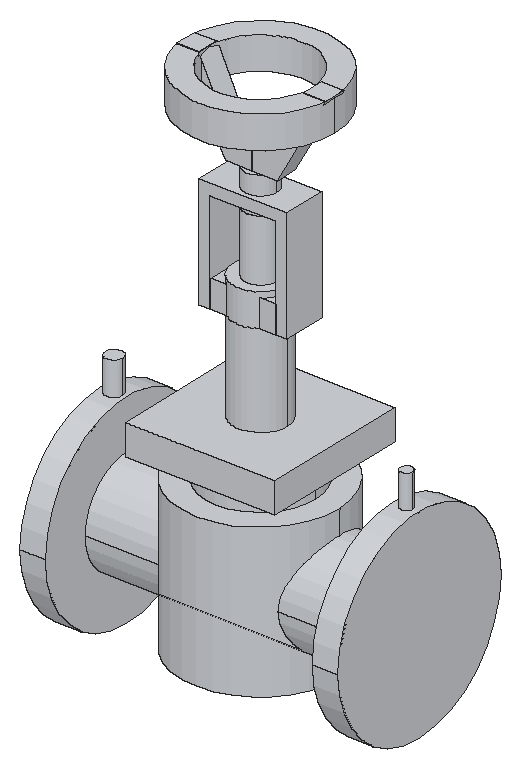
Revit family "Sigma_Compact_DN065-LF_PN16_RFA_2018", category Pipe Accessories, Revit 2018
Family settings
  Round Connector Dimension = Use Diameter
  Part Type = Valve - Breaks Into
  Work Plane-Based = No
  Always vertical = Yes
  Cut with Voids When Loaded = No
  Shared = No
Parameters (values of type "Sigma Compact DN 065 LF PN16")
  magiProductId = "7b440009bc83499eb1c9a6fd3b4fee"
  magiProductFamilyId = "111bdfd32e424cd9a1e5f1ca7ea2b6"
  magiPartTypeId = 304
  isMeasuringValve [instance] = no
  ang2D [instance] = 0.00°
  W2D = 50 mm
  VersionID = "2.0/2018.12.13.2/FRESE_SIGMA_C_BIG_Q13_001"
  Use Minimum Symbol Size [instance] = no
  URL = "www.hydronix.cz"
  Type Comments = "přírubový; PN16; max dp=800kPa; 0~+120°C; max uzavírací tlak 1MPa"
  R4 = 50.75 mm
  R3 = 48.1 mm
  R1 = 72.5 mm
  QmdConnectorList = "301;D;302;D"
  Productdata [instance] = ""
  Manufacturer = "Hydronix"
  Maintenance Zone Under Depth [instance] = 100 mm
  Maintenance Zone Right Depth [instance] = 100 mm
  Maintenance Zone Over Depth [instance] = 100 mm
  Maintenance Zone Left Depth [instance] = 100 mm
  Maintenance Zone Front Depth [instance] = 100 mm
  Maintenance Zone Back Depth [instance] = 100 mm
  Maintenance Zone Front Visibility [instance] = no
  MC Use Limits From Balancing Method = no
  MC Throttling Minimum Value = 0
  MC Throttling Maximum Value = 0
  MC Product Code = "53-2401 DN65; PN16; (4380-25000 l/h); kvs=50"
  MC Pressure Drop Minimum Value = 0.0 Pa
  MC Pressure Drop Maximum Value = 0.0 Pa
  MC Piping Given Pressure Drop [instance] = 0.0 Pa
  LF__ve = -LF  # -23.2 mm
  LF2 = 11.6 mm
  LF = 23.2 mm
  L432 = 23.853 mm
  L43 = 47.705 mm
  L42 = 68.15 mm
  L4 = 136.3 mm
  L3 = 243.6 mm
  L2D_Min = 30.48 mm
  L2D = 230 mm
  L2 = 145 mm
  HH12 = 16.5 mm
  HH1 = 33 mm
  HDF__ve = -HDF  # -199 mm
  HDF = 199 mm
  H6 = 85 mm
  H4 = 27.75 mm
  H3 = 23.125 mm
  H2 = 69.375 mm
  H11 = 138.75 mm
  H1 = 497 mm
  H = 384 mm
  Description = "Automatický vyvažovací ventil"
  DF2 = 92.5 mm
  D = 65 mm
  Clearance Zone Height Depth [instance] = 100 mm
  Clearance Zone Circular Radius [instance] = 145 mm
  Clearance Zone Visibility [instance] = no
  CAT0 = yes
Types (9, lengths in mm): name | magiProductId | Type Comments | R4 | R3 | R1 | MC Product Code | LF__ve | LF2 | LF | L432 | L43 | L42 | L4 | L3 | L2 | HH12 | HH1 | HDF__ve | HDF | H4 | H3 | H2 | H11 | H1 | H | DF2 | D | Clearance Zone Circular Radius
  Sigma Compact DN 050 LF PN16 | "7ce002c265594233b83d195dc264f1" | "přírubový; PN16; max dp=800kPa; 0~+120°C; max uzavírací tlak 1MPa" | 40.25 | 42.9 | 57.5 | "53-2400 DN50; PN16; (2480-15000 l/h); kvs=34" | -18.4 | 9.2 | 18.4 | 18.917 | 37.835 | 54.05 | 108.1 | 193.2 | 115 | 16.5 | 33 | -202 | 202 | 24.75 | 20.625 | 61.875 | 123.75 | 480 | 367 | 82.5 | 50 | 115
  Sigma Compact DN 065 LF PN16 | "7b440009bc83499eb1c9a6fd3b4fee" | "přírubový; PN16; max dp=800kPa; 0~+120°C; max uzavírací tlak 1MPa" | 50.75 | 48.1 | 72.5 | "53-2401 DN65; PN16; (4380-25000 l/h); kvs=50" | -23.2 | 11.6 | 23.2 | 23.853 | 47.705 | 68.15 | 136.3 | 243.6 | 145 | 16.5 | 33 | -199 | 199 | 27.75 | 23.125 | 69.375 | 138.75 | 497 | 384 | 92.5 | 65 | 145
  Sigma Compact DN 080 LF PN16 | "c04670cd33374e61a046fccc79a79b" | "přírubový; PN16; max dp=800kPa; 0~+120°C; max uzavírací tlak 1MPa" | 54.25 | 52 | 77.5 | "53-2402 DN80; PN16; (5340-34000 l/h); kvs=68" | -24.8 | 12.4 | 24.8 | 25.497 | 50.995 | 72.85 | 145.7 | 260.4 | 155 | 16.5 | 33 | -213 | 213 | 30 | 25 | 75 | 150 | 526 | 413 | 100 | 80 | 155
  Sigma Compact DN 100 LF PN16 | "e9669c3b3cb042d39f52f9a3f8394b" | "přírubový; PN16; max dp=800kPa; 0~+120°C; max uzavírací tlak 1MPa" | 61.25 | 61.1 | 87.5 | "53-2403 DN100; PN16; (12100-68000 l/h); kvs=115" | -28 | 14 | 28 | 28.788 | 57.575 | 82.25 | 164.5 | 294 | 175 | 34 | 68 | -331 | 331 | 35.25 | 29.375 | 88.125 | 176.25 | 714 | 566 | 117.5 | 100 | 175
  Sigma Compact DN 125 LF PN16 | "72414964175c4f3999d5daaa67221e" | "přírubový; PN16; max dp=800kPa; 0~+120°C; max uzavírací tlak 1MPa" | 70 | 70.2 | 100 | "53-2404 DN125; PN16; (18500-110000 l/h); kvs=186" | -32 | 16 | 32 | 32.9 | 65.8 | 94 | 188 | 336 | 200 | 36.5 | 73 | -338 | 338 | 40.5 | 33.75 | 101.25 | 202.5 | 761 | 608 | 135 | 125 | 200
  Sigma Compact DN 150 LF PN16 | "cb5ac98de80a46389b4a96eb8539c2" | "přírubový; PN16; max dp=800kPa; 0~+110°C; max uzavírací tlak 1MPa" | 84 | 74.1 | 120 | "53-2405 DN150; PN16; (25600-148000 l/h); kvs=250" | -38.4 | 19.2 | 38.4 | 39.48 | 78.96 | 112.8 | 225.6 | 403.2 | 240 | 13 | 26 | -391 | 391 | 42.75 | 35.625 | 106.875 | 213.75 | 782 | 676 | 142.5 | 150 | 240
  Sigma Compact DN 200 LF PN16 | "bd9983fcf82240be8b5626661ef83b" | "přírubový; PN16; max dp=800kPa; 0~+110°C; max uzavírací tlak 1MPa" | 105 | 98.8 | 150 | "53-2406 DN200; PN16; (95000-210000 l/h); kvs=371" | -48 | 24 | 48 | 49.35 | 98.7 | 141 | 282 | 504 | 300 | 29.5 | 59 | -334 | 334 | 57 | 47.5 | 142.5 | 285 | 853 | 714 | 190 | 200 | 300
  Sigma Compact DN 250 LF PN16 | "6516628c9ce0481f89e5702e575104" | "přírubový; PN16; max dp=800kPa; 0~+110°C; max uzavírací tlak 1MPa" | 127.75 | 115.44 | 182.5 | "53-2407 DN250; PN16; (190000-475000 l/h); kvs=803" | -58.4 | 29.2 | 58.4 | 60.042 | 120.085 | 171.55 | 343.1 | 613.2 | 365 | 29 | 58 | -462 | 462 | 66.6 | 55.5 | 166.5 | 333 | 1044 | 906 | 222 | 250 | 365
  Sigma Compact DN 300 LF PN16 | "f16ecb3a8ad443e99405ecd1e4779a" | "přírubový; PN16; max dp=800kPa; 0~+110°C; max uzavírací tlak 1MPa" | 148.75 | 135.2 | 212.5 | "53-2408 DN300; PN16; (190000-475000 l/h); kvs=803" | -68 | 34 | 68 | 69.912 | 139.825 | 199.75 | 399.5 | 714 | 425 | 29 | 58 | -424 | 424 | 78 | 65 | 195 | 390 | 1082 | 944 | 260 | 300 | 425
Reference planes
  plane 1 "Center (Front/Back)": y = 0
  plane 2 "XYPLANE": z = 0
  plane 3 "Center (Left/Right)": x = 0
  plane 4 "298": y = -192.5
  plane 5 "297": y = 192.5
  plane 6 "296": y = -92.5
  plane 7 "295": y = 92.5
  plane 8 "294": z = -192.5
  plane 9 "293": z = 504.5
  plane 10 "292": x = -245
  plane 11 "291": x = 245
  plane 12 "290": z = 504.5
  plane 13 "256": y = -20
  plane 14 "254": z = 298
  plane 15 "253": z = 308
  plane 16 "252": x = -40
  plane 17 "251": x = -30
  plane 18 "250": x = 40
  plane 19 "249": x = 30
  plane 20 "247": z = 205.25
  plane 21 "244": z = 291.5
  plane 22 "243": x = 68.15
  plane 23 "242": x = 47.705
  plane 24 "241": x = 23.853
  plane 25 "240": y = -10
  plane 26 "238": x = -23.853
  plane 27 "237": x = -47.705
  plane 28 "236": z = 324.5
  plane 29 "235": z = 354.5
  plane 30 "234": x = -68.15
  plane 31 "225": z = 404.5
  plane 32 "224": z = -92.5
  plane 33 "157": x = 133.4
  plane 34 "156": x = -133.4
  plane 35 "155": z = 92.5
  plane 36 "154": z = 120.25
  plane 37 "153": z = 92.5
  plane 38 "152": z = 69.375
  plane 39 "151": x = -121.8
  plane 40 "150": z = -69.375
  plane 41 "149": x = 0
  plane 42 "148": y = 0
  plane 43 "147": z = 0
  plane 44 "146": x = -145
  plane 45 "145": x = 145
Forms (mm)
  Blend 1, solid, visible <- "Maintenance Zone Front Visibility"
    base sketch origin (-750, 0, 504.5) x (1, 0, 0) y (0, 1, 0)
      loop
        line (505, 192.5) -> (505, -192.5) -> (995, -192.5) -> (995, 192.5) -> (505, 192.5)
    top sketch origin (-750, 0, 504.5) x (1, 0, 0) y (0, 1, 0)
      loop
        line (505, 192.5) -> (505, -192.5) -> (995, -192.5) -> (995, 192.5) -> (505, 192.5)
    from 0 to -697
  Blend 2, solid, visible <- "Clearance Zone Visibility"
    base sketch origin (-750, 0, 0) x (1, 0, 0) y (0, 1, 0)
      loop
        circle (750, 0) r 145
    top sketch origin (-750, 0, 0) x (1, 0, 0) y (0, 1, 0)
      loop
        circle (750, 0) r 145
    from 0 to 504.5
  Extrusion 3, solid
    sketch origin (-750, 0, 291.5) x (1, 0, 0) y (0, 1, 0)
      loop
        circle (750, 0) r 14.935
    from 0 to -199 <- "HDF__ve"
  Extrusion 4, solid
    sketch origin (-750, 0, 205.25) x (1, 0, 0) y (0, 1, 0)
      loop
        line (780, 20) -> (720, 20) -> (720, -20) -> (780, -20) -> (780, 20)
    from 0 to 25
  Extrusion 5, solid
    sketch origin (750, -20, 0) x (-1, 0, 0) y (0, 0, 1)
      loop
        line (790, 205.25) -> (790, 308) -> (710, 308) -> (710, 205.25) -> (720, 205.25) -> (720, 298) -> (780, 298) -> (780, 205.25) -> (790, 205.25)
    from 0 to 40
  Extrusion 6, solid
    sketch origin (-750, 0, 205.25) x (1, 0, 0) y (0, 1, 0)
      loop
        circle (750, 0) r 25
    from 0 to 30
  Extrusion 7, solid
    sketch origin (750, -10, 0) x (-1, 0, 0) y (0, 0, 1)
      loop
        line (797.705, 404.5) -> (773.853, 354.5) -> (750, 354.5) -> (750, 324.5) -> (773.853, 324.5) -> (818.15, 404.5) -> (797.705, 404.5)
    from 0 to 20
  Extrusion 8, solid
    sketch origin (750, -10, 0) x (-1, 0, 0) y (0, 0, 1)
      loop
        line (702.295, 404.5) -> (681.85, 404.5) -> (726.147, 324.5) -> (750, 324.5) -> (750, 354.5) -> (726.147, 354.5) -> (702.295, 404.5)
    from 0 to 20
  Extrusion 9, solid
    sketch origin (-750, 0, 291.5) x (1, 0, 0) y (0, 1, 0)
      loop
        circle (750, 0) r 14.935
    from 0 to 33 <- "HH1"
  Extrusion 10, solid
    sketch origin (-750, 0, 404.5) x (1, 0, 0) y (0, 1, 0)
      loop
        circle (750, 0) r 68.15
      loop
        circle (750, 0) r 47.705
    from 0 to -30
  Extrusion 11, solid, visible <- "CAT0"
    sketch origin (-750, 0, 92.5) x (1, 0, 0) y (0, 1, 0)
      loop
        circle (883.4, 0) r 5.5
    from 0 to 30
  Extrusion 12, solid, visible <- "CAT0"
    sketch origin (-750, 0, 92.5) x (1, 0, 0) y (0, 1, 0)
      loop
        circle (616.6, 0) r 7.9
    from 0 to 30
  Extrusion 13, solid, visible <- "CAT0"
    sketch origin (-750, 0, 120.25) x (1, 0, 0) y (0, 1, 0)
      loop
        circle (750, 0) r 24.935
    from 0 to 85 <- "H6"
  Extrusion 14, solid, visible <- "CAT0"
    sketch origin (-750, 0, 92.5) x (1, 0, 0) y (0, 1, 0)
      loop
        line (818.15, 68.15) -> (681.85, 68.15) -> (681.85, -68.15) -> (818.15, -68.15) -> (818.15, 68.15)
    from 0 to 27.75 <- "H4"
  Extrusion 15, solid, visible <- "CAT0"
    sketch origin (-750, 0, 69.375) x (1, 0, 0) y (0, 1, 0)
      loop
        circle (750, 0) r 50.75
    from 0 to 23.125 <- "H3"
  Extrusion 16, solid, visible <- "CAT0"
    sketch origin (-121.8, -750, 0) x (0, 1, 0) y (0, 0, 1)
      loop
        circle (750, 0) r 48.1
    from 0 to 243.6 <- "L3"
  Extrusion 17, solid, visible <- "CAT0"
    sketch origin (-750, 0, -69.375) x (1, 0, 0) y (0, 1, 0)
      loop
        circle (750, 0) r 72.5
    from 0 to 138.75 <- "H11"
  Extrusion 18, solid, visible <- "CAT0"
    sketch origin (-145, -750, 0) x (0, 1, 0) y (0, 0, 1)
      loop
        circle (750, 0) r 92.5
    from 0 to 23.2 <- "LF"
  Extrusion 19, solid, visible <- "CAT0"
    sketch origin (145, -750, 0) x (0, 1, 0) y (0, 0, 1)
      loop
        circle (750, 0) r 92.5
    from 0 to -23.2 <- "LF__ve"
  Extrusion 20, solid, not visible
    sketch origin (-145, -750, 0) x (0, 1, 0) y (0, 0, 1)
      loop
        circle (750, 0) r 10
    from 0 to 10
  Extrusion 21, solid, not visible
    sketch origin (145, -750, 0) x (0, 1, 0) y (0, 0, 1)
      loop
        circle (750, 0) r 10
    from 0 to -10
Lines and regions (mm)
  reference lines, not visible
    curve 1: circle (2, 2, 0) r 1 normal (0, 0, 1)
  reference lines
    curve 2: circle (0, 0, 92.5) r 1 normal (0, 0, 1)
Dimensions and locks
  plane 1 "Center (Front/Back)" to curve 1 = 2 mm
  "Maintenance Zone Front Depth": plane 6 "296" to plane 4 "298"
  "Maintenance Zone Back Depth": plane 7 "295" to plane 5 "297"
  "DF2": plane 42 "148" to plane 6 "296"
  "DF2": plane 42 "148" to plane 7 "295"
  "Maintenance Zone Under Depth": plane 32 "224" to plane 8 "294"
  "Maintenance Zone Over Depth": plane 31 "225" to plane 9 "293"
  "Maintenance Zone Left Depth": plane 44 "146" to plane 10 "292"
  "Maintenance Zone Right Depth": plane 45 "145" to plane 11 "291"
  "Clearance Zone Height Depth": plane 31 "225" to plane 12 "290"
  locked: plane 25 "240" to plane 13 "256" at 10
  locked: plane 15 "253" to plane 14 "254" at 10
  "HH12": plane 21 "244" to plane 15 "253"
  locked: plane 17 "251" to plane 16 "252" at 10
  locked: plane 41 "149" to plane 17 "251" at 30
  locked: plane 19 "249" to plane 18 "250" at 10
  locked: plane 41 "149" to plane 19 "249" at 30
  "H6": plane 36 "154" to plane 20 "247"
  "H": plane 32 "224" to plane 21 "244"
  "L42": plane 41 "149" to plane 22 "243"
  "L43": plane 41 "149" to plane 23 "242"
  "L432": plane 41 "149" to plane 24 "241"
  locked: plane 42 "148" to plane 25 "240" at 10
  "L432": plane 41 "149" to plane 26 "238"
  "L43": plane 41 "149" to plane 27 "237"
  locked: plane 29 "235" to plane 28 "236" at 30
  locked: plane 31 "225" to plane 29 "235" at 50
  "L42": plane 41 "149" to plane 30 "234"
  "H1": plane 32 "224" to plane 31 "225"
  "DF2": plane 2 "XYPLANE" to plane 32 "224"
  "LF2": plane 45 "145" to plane 33 "157"
  "LF2": plane 44 "146" to plane 34 "156"
  "DF2": plane 2 "XYPLANE" to plane 35 "155"
  "H4": plane 37 "153" to plane 36 "154"
  "H3": plane 38 "152" to plane 37 "153"
  "H11": plane 40 "150" to plane 38 "152"
  "LF": plane 44 "146" to plane 39 "151"
  "H2": plane 2 "XYPLANE" to plane 40 "150"
  locked: plane 3 "Center (Left/Right)" to plane 41 "149"
  locked: plane 1 "Center (Front/Back)" to plane 42 "148"
  locked: plane 2 "XYPLANE" to plane 43 "147"
  "L2": plane 3 "Center (Left/Right)" to plane 44 "146"
  "L2": plane 3 "Center (Left/Right)" to plane 45 "145"
  Blend 1 sketch curve to Blend 1 sketch curve = 0 mm  (x16)
  Extrusion 4 sketch curve to Extrusion 4 sketch curve = 0 mm  (x8)
  Extrusion 5 sketch curve to Extrusion 5 sketch curve = 0 mm  (x16)
  Extrusion 7 sketch curve to Extrusion 7 sketch curve = 0 mm  (x12)
  Extrusion 8 sketch curve to Extrusion 8 sketch curve = 0 mm  (x12)
  equal spacing: Extrusion 14 sketch curve, curve 2, Extrusion 14 sketch curve  (x2)
  "L4": Extrusion 14 sketch curve to Extrusion 14 sketch curve  (x2)
  Extrusion 14 sketch curve to Extrusion 14 sketch curve = 0 mm  (x8)
  "Clearance Zone Circular Radius": radius of Blend 2 sketch curve  (x2)
  "L42": radius of Extrusion 10 sketch curve
  "L43": radius of Extrusion 10 sketch curve
  "R4": radius of Extrusion 15 sketch curve
  "R3": radius of Extrusion 16 sketch curve
  "R1": radius of Extrusion 17 sketch curve
  "DF2": radius of Extrusion 18 sketch curve
  "DF2": radius of Extrusion 19 sketch curve
  aligned and locked: level to plane 2 "XYPLANE"
  aligned and locked: Blend 1 sketch curve to plane 5 "297"  (x2)
  aligned and locked: plane 10 "292" to Blend 1 sketch curve  (x4)
  aligned and locked: plane 11 "291" to Blend 1 sketch curve  (x4)
  aligned and locked: plane 5 "297" to Blend 1 sketch curve  (x2)
  aligned and locked: plane 4 "298" to Blend 1 sketch curve  (x4)
  aligned and locked: Blend 1 to plane 8 "294"
  aligned and locked: plane 41 "149" to Blend 2 sketch curve  (x2)
  aligned and locked: plane 42 "148" to Blend 2 sketch curve  (x2)
  aligned and locked: plane 12 "290" to Blend 2
  aligned and locked: plane 41 "149" to Extrusion 3 sketch curve
  aligned and locked: plane 42 "148" to Extrusion 3 sketch curve
  aligned and locked: Extrusion 5 sketch curve to plane 16 "252"
  aligned and locked: plane 20 "247" to Extrusion 5 sketch curve  (x4)
  aligned and locked: plane 15 "253" to Extrusion 5 sketch curve  (x2)
  aligned and locked: plane 16 "252" to Extrusion 5 sketch curve
  aligned and locked: plane 18 "250" to Extrusion 5 sketch curve  (x2)
  aligned and locked: plane 19 "249" to Extrusion 5 sketch curve  (x2)
  aligned and locked: plane 14 "254" to Extrusion 5 sketch curve  (x2)
  aligned and locked: plane 17 "251" to Extrusion 5 sketch curve  (x2)
  aligned and locked: plane 41 "149" to Extrusion 6 sketch curve
  aligned and locked: plane 42 "148" to Extrusion 6 sketch curve
  aligned and locked: plane 27 "237" to Extrusion 7 sketch curve
  aligned and locked: plane 31 "225" to Extrusion 7 sketch curve  (x2)
  aligned and locked: plane 26 "238" to Extrusion 7 sketch curve  (x2)
  aligned and locked: plane 29 "235" to Extrusion 7 sketch curve  (x2)
  aligned and locked: plane 41 "149" to Extrusion 7 sketch curve  (x2)
  aligned and locked: plane 28 "236" to Extrusion 7 sketch curve  (x2)
  aligned and locked: plane 30 "234" to Extrusion 7 sketch curve
  aligned and locked: plane 23 "242" to Extrusion 8 sketch curve
  aligned and locked: plane 31 "225" to Extrusion 8 sketch curve  (x2)
  aligned and locked: plane 24 "241" to Extrusion 8 sketch curve  (x2)
  aligned and locked: plane 29 "235" to Extrusion 8 sketch curve  (x2)
  aligned and locked: plane 41 "149" to Extrusion 8 sketch curve  (x2)
  aligned and locked: plane 28 "236" to Extrusion 8 sketch curve  (x2)
  aligned and locked: plane 22 "243" to Extrusion 8 sketch curve
  aligned and locked: plane 41 "149" to Extrusion 9 sketch curve
  aligned and locked: plane 42 "148" to Extrusion 9 sketch curve
  aligned and locked: plane 41 "149" to Extrusion 10 sketch curve  (x2)
  aligned and locked: plane 42 "148" to Extrusion 10 sketch curve  (x2)
  aligned and locked: plane 33 "157" to Extrusion 11 sketch curve
  aligned and locked: plane 42 "148" to Extrusion 11 sketch curve
  aligned and locked: plane 34 "156" to Extrusion 12 sketch curve
  aligned and locked: plane 42 "148" to Extrusion 12 sketch curve
  aligned and locked: plane 41 "149" to Extrusion 13 sketch curve
  aligned and locked: plane 42 "148" to Extrusion 13 sketch curve
  aligned and locked: plane 41 "149" to curve 2
  aligned and locked: plane 42 "148" to curve 2
  aligned and locked: plane 41 "149" to Extrusion 15 sketch curve
  aligned and locked: plane 42 "148" to Extrusion 15 sketch curve
  aligned and locked: Extrusion 16 sketch curve to plane 42 "148"
  aligned and locked: plane 43 "147" to Extrusion 16 sketch curve
  aligned and locked: plane 41 "149" to Extrusion 17 sketch curve
  aligned and locked: plane 42 "148" to Extrusion 17 sketch curve
  aligned and locked: Extrusion 18 sketch curve to plane 42 "148"
  aligned and locked: plane 43 "147" to Extrusion 18 sketch curve
  aligned and locked: Extrusion 19 sketch curve to plane 42 "148"
  aligned and locked: plane 43 "147" to Extrusion 19 sketch curve
  aligned and locked: Extrusion 20 sketch curve to plane 42 "148"
  aligned and locked: plane 43 "147" to Extrusion 20 sketch curve
  aligned and locked: Extrusion 21 sketch curve to plane 42 "148"
  aligned and locked: plane 43 "147" to Extrusion 21 sketch curve
Automatic sketch dimensions
  plane 26 "238" to Extrusion 3 sketch curve = 8.917 mm
  Extrusion 4 sketch curve to plane 17 "251" = 0 mm
  Extrusion 4 sketch curve to plane 13 "256" = 0 mm
  Extrusion 4 sketch curve to plane 19 "249" = 0 mm
  Extrusion 4 sketch curve to plane 1 "Center (Front/Back)" = 20 mm
  plane 17 "251" to Extrusion 6 sketch curve = 5 mm
  plane 26 "238" to Extrusion 9 sketch curve = 8.917 mm
  Extrusion 11 sketch curve to plane 33 "157" = 5.5 mm
  plane 44 "146" to Extrusion 12 sketch curve = 3.7 mm
  Extrusion 13 sketch curve to plane 26 "238" = 1.083 mm
  Extrusion 20 sketch curve to plane 25 "240" = 0 mm
  Extrusion 21 sketch curve to plane 25 "240" = 0 mm
  plane 3 "Center (Left/Right)" to curve 1 = 2 mm
  Extrusion 14 sketch curve to plane 30 "234" = 0 mm
  plane 6 "296" to Extrusion 14 sketch curve = 24.35 mm
  radius of curve 2 = 1 mm
  radius of curve 1 = 1 mm
Connectors
  piping at (-145, 0, 0), diameter 65, driven by "D"
    settings: on Extrusion 20, index 1, connector inside diameter 609.6 mm, connector length 0 mm, flow factor 0, pipe flow 0.0 L/s, pressure drop 0.0 Pa, fitting loss kfactor 0, connector angle 0.00°, fixture units 0, engagement length 0 mm, angle of deflection 0.00°, flow configuration 0, flow direction 0, fitting loss method 0, system type 29, joint type 0, gender type 0, connector reference index 2, connector utility 0, adjustable connector no, is connector primary yes, connector description ""
  piping at (145, 0, 0), diameter 65, driven by "D"
    settings: on Extrusion 21, index 2, connector inside diameter 609.6 mm, connector length 0 mm, flow factor 0, pipe flow 0.0 L/s, pressure drop 0.0 Pa, fitting loss kfactor 0, connector angle 0.00°, fixture units 0, engagement length 0 mm, angle of deflection 0.00°, flow configuration 0, flow direction 0, fitting loss method 0, system type 29, joint type 0, gender type 0, connector reference index 1, connector utility 0, adjustable connector no, is connector primary no, connector description ""
